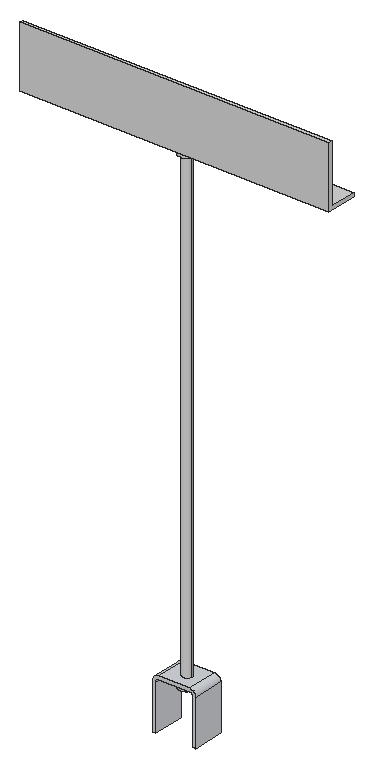
Revit family "Mount_RigidRail_Kattsafe_Purlin_Across", category Specialty Equipment, Revit 2025
Family settings
  Round Connector Dimension = Use Diameter
  Part Type = Normal
  OmniClass Number = 23.27.71.21
  Work Plane-Based = No
  Enable Cutting in Views = No
  Always vertical = Yes
  Cut with Voids When Loaded = No
  Maintain Annotation Orientation = No
  Shared = No
  Room Calculation Point = No
Parameters (values of type "Type 1")
  Uniclass2015Version = "Products v1.23"
  Uniclass2015Title = "Brackets"
  Uniclass2015Code = "Pr_20_85_09"
  URL = "https://kattsafe.com.au/"
  UBracketAngle [instance] = 0.00°
  Type IFC Predefined Type = "USERDEFINED"
  Type Comments = "Purlin Mount Suspension Kit - Across"
  SafetyDisclaimer [instance] = "WARNING! The correct placement of access, fall protection and facade maintenance systems is critical to ensure it is fit-for-purpose and safe for the operator to use. Did you know Kattsafe® have a dedicated team of Height Safety System Design Specialists? Kattsafe® provide one-on-one consultation and system design assistance to ensure you are meeting the stringent requirements of height safety and to give you PEACE OF MIND with your project."  # constant formula
  ModifiedIssue = 20240430
  Model = "OH279"
  Material = Steel_Stainless_Kattsafe_Satin
  ManufacturerURLProductSpecific = "https://kattsafe.com.au/products/rigid-rails"
  ManufacturerSpecCode = Model  # "OH279"
  ManufacturerOverallWidth = 500 mm  # constant formula
  ManufacturerOverallHeight [instance] = ActualSuspensionLength + 154 mm  # 954 mm
  ManufacturerOverallDepth = 50 mm  # constant formula
  ManufacturerHeightFromFFL [instance] = 2700 mm
  Manufacturer = "Kattsafe®"  # constant formula
  IfcExportType = "USERDEFINED"
  IfcExportAs = "IfcBuildingElementProxy"
  Export Type to IFC As = "IfcBuildingElementProxy"
  DesiredSuspensionLength [instance] = 800 mm
  Description = "Rigid rails provide significant spanning capabilities, making them very versatile where there are limited support structures. The high strength aluminium construction, along with the unique t-bolt assembly makes it a very simple and easily adaptable system to install."  # constant formula
  Default Elevation = 0 mm
  CreatedByURL = "https://igsgroup.com.au"
  CreatedBy = "IGS BIM Solutions"  # constant formula
  Assembly Code = "E1090100"
  ActualSuspensionLength [instance] = if(DesiredSuspensionLength < 50 mm, 50 mm, if(DesiredSuspensionLength > 3000 mm, 3000 mm, DesiredSuspensionLength))  # 800 mm
Reference planes
  plane 1 "Center (Front/Back)": y = 247.5
  plane 2 "Ref. Level": z = 0
  plane 3 "Centre (Left/Right)": x = 0
  plane 4 "Bottom": z = 1846
  plane 5 "ConcreteBracketBottom": z = 1930
  plane 6 "RailTop": z = 1900
  plane 7 "Top": z = 2700
  plane 8 "DesiredRailTop": z = 1900
  plane 9 "Left": x = -250
  plane 10 "Right": x = 250
  plane 11 "Back": y = 272.5
  plane 12 "Front": y = 222.5
Forms (mm)
  Revolve 1, solid, material "Steel_Stainless_Kattsafe_Satin" <- "Material"
    sketch origin (0, 247.5, 0) x (1, 0, 0) y (0, 0, 1)
      loop
        line (0, 2700) -> (-13, 2700) -> (-13, 2687) -> (-8, 2687) -> (-8, 1925) -> (-13, 1925) -> (-13, 1912.5) -> (0, 1912.5) -> (0, 2700)
      axis (0, 1912.5) -> (0, 2700)
    angle from 0 to 360
  Extrusion 2, solid, material "Steel_Stainless_Kattsafe_Satin" <- "Material"
    sketch origin (0, 0, 15) x (0, 1, 0) y (0, 0, 1)
      loop
        line (272.5, 2691) -> (228.5, 2691) -> (228.5, 2785) -> (222.5, 2785) -> (222.5, 2685) -> (272.5, 2685) -> (272.5, 2691)
    from -250 to 250
Lines and regions (mm)
  Masking region 1
    outline origin (0, 0, 2700) x (-1, 0, 0) y (0, -1, 0)
      loop
        line (250, -272.5) -> (250, -222.5) -> (-250, -222.5) -> (-250, -272.5) -> (250, -272.5)
  symbolic lines, style "Fall Arrest Systems"
    curve 1: line (30, 222.5, 1846) -> (-30, 222.5, 1846)
  symbolic lines, style "Fall Arrest Systems", detail levels medium+fine
    curve 2: line (250, 228.5, 2700) -> (-250, 228.5, 2700)
  reference lines
    curve 3: line (0, 247.5, 0) -> (0, 267.5, 0)
    curve 4: line (0, 247.5, 0) -> (-10, 247.5, 0)
Text (mm)
  text "Disclaimer:\nDue to ongoing product development and manufacturing \nevolution, product details are subject to change without \nnotice. Please refer to product technical data sheets on \nthe manufacturers website for the most current product \ninformation. Please allow a +/- 5mm manufacturing \ntolerance for dimensions and set-outs shown in product \nliterature." at (359.112, 217.954, 0), in view "Ref. Level"
Dimensions and locks
  "ManufacturerHeightFromFFL": plane 7 "Top" to plane 2 "Ref. Level"
  "ActualSuspensionLength": plane 7 "Top" to plane 6 "RailTop"
  locked: plane 5 "ConcreteBracketBottom" to plane 6 "RailTop" at 30
  locked: plane 5 "ConcreteBracketBottom" to plane 4 "Bottom" at 84
  locked: plane 3 "Centre (Left/Right)" to Revolve 1 sketch curve at 8
  Revolve 1 sketch curve to Revolve 1 sketch curve = 13 mm
  locked: Extrusion 2 sketch curve to Extrusion 2 sketch curve at 6
  Extrusion 2 sketch curve to plane 1 "Center (Front/Back)" to Extrusion 2 sketch curve = 25 mm locked, 25 mm locked
  locked: Extrusion 2 sketch curve to plane 7 "Top" at 6
  locked: Revolve 1 sketch curve to plane 7 "Top" at 13
  locked: Extrusion 2 sketch curve to plane 7 "Top" at 100
  "DesiredSuspensionLength": plane 7 "Top" to plane 8 "DesiredRailTop"
  locked: curve 3 to curve 3 at 20
  locked: curve 4 to curve 4 at 10
  equal spacing: plane 9 "Left", plane 3 "Centre (Left/Right)", plane 10 "Right"
  "ManufacturerOverallWidth": plane 9 "Left" to plane 10 "Right"
  equal spacing: plane 12 "Front", plane 1 "Center (Front/Back)", plane 11 "Back"
  "ManufacturerOverallDepth": plane 12 "Front" to plane 11 "Back"
  "UBracketAngle": angle curve 3 to plane 3 "Centre (Left/Right)"
  "UBracketAngle": angle nested 1 to plane 3 "Centre (Left/Right)"
  locked: curve 3 to curve 4 (angle 90.00°)
  aligned and locked: level to plane 2 "Ref. Level"
  aligned and locked: Revolve 1 sketch curve to plane 3 "Centre (Left/Right)"  (x2)
  aligned and locked: Revolve 1 sketch curve to Revolve 1 sketch curve
  aligned and locked: Extrusion 2 sketch curve to plane 7 "Top"
  aligned and locked: Revolve 1 sketch curve to plane 7 "Top"
  aligned and locked: Masking region 1 sketch curve to Extrusion 2  (x3)
  aligned and locked: Extrusion 2 to curve 2
  aligned and locked: nested 1 to plane 5 "ConcreteBracketBottom"
  aligned and locked: plane 10 "Right" to Extrusion 2
  aligned and locked: Extrusion 2 to plane 9 "Left"
  aligned and locked: plane 9 "Left" to curve 2
  aligned and locked: plane 10 "Right" to curve 2
  aligned and locked: nested 1 to curve 4
  aligned and locked: nested 1 to curve 3
  aligned and locked: plane 1 "Center (Front/Back)" to curve 3
  aligned and locked: plane 3 "Centre (Left/Right)" to curve 3
Automatic sketch dimensions
  plane 6 "RailTop" to Revolve 1 sketch curve = 12.5 mm
  Revolve 1 sketch curve to Revolve 1 sketch curve = 44.523 mm
  plane 3 "Centre (Left/Right)" to curve 1 = 30 mm
  curve 1 to plane 3 "Centre (Left/Right)" = 30 mm
  level to Revolve 1 sketch curve = 537.477 mm
  plane 1 "Center (Front/Back)" to curve 1 = 25 mm
  plane 1 "Center (Front/Back)" to Masking region 1 sketch curve = 25 mm
  plane 5 "ConcreteBracketBottom" to Revolve 1 sketch curve = 5 mm
Nested families
  nested 1: "z_Kattsafe_UBracket_Adjustable" at (0, 247.5, 1930), type "Type 1"
Definition of nested family "z_Kattsafe_UBracket_Adjustable"
  Parameters (values of type "Type 1")
    URL = "https://kattsafe.com.au/"
    Material = none
    Manufacturer = "Kattsafe®"
    Default Elevation = 0 mm
  Reference planes
    plane 1 "Center (Front/Back)": y = 0
    plane 2: z = 0
    plane 3 "Center (Left/Right)": x = 0
  Forms (mm)
    Extrusion 1, solid, material <- "Material"
      sketch origin (0, 0, -39) x (1, 0, 0) y (0, 0, 1)
        loop
          line (-35, -45) -> (-30, -45) -> (-30, 29)
          arc (-30, 29) -> (-28.536, 32.536) -> (-25, 34) r 5
          line (-25, 34) -> (25, 34)
          arc (25, 34) -> (28.536, 32.536) -> (30, 29) r 5
          line (30, 29) -> (30, -45) -> (35, -45) -> (35, 29)
          arc (35, 29) -> (32.071, 36.071) -> (25, 39) r 10
          line (25, 39) -> (-25, 39)
          arc (-25, 39) -> (-32.071, 36.071) -> (-35, 29) r 10
          line (-35, 29) -> (-35, -45)
      from 25 to -25
  Dimensions and locks
    Extrusion 1 sketch curve to Extrusion 1 sketch curve = 70 mm
    locked: Extrusion 1 sketch curve to Extrusion 1 sketch curve at 5  (x2)
    radius of Extrusion 1 sketch curve = 10 mm  (x2)
    radius of Extrusion 1 sketch curve = 5 mm  (x2)
    aligned and locked: level to plane 2
